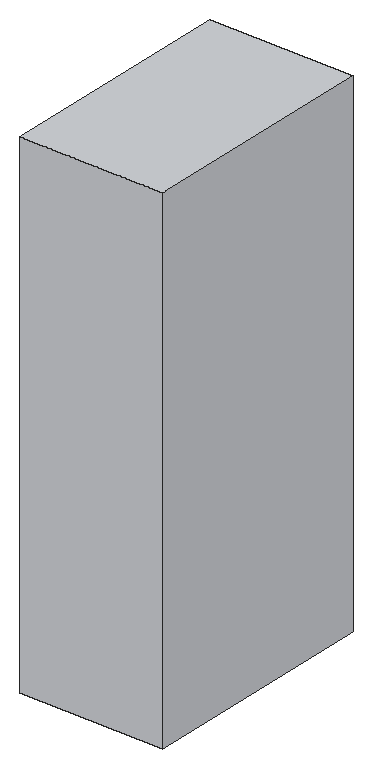
Revit family "SB12_RTU機櫃_600x1000x2100", category 電氣設備, Revit 2025
Family settings
  面板規劃 = 兩欄，回路穿越
  圓形接點標註 = 使用直徑
  組件類型 = 分電盤
  OmniClass 編號 = 23.80.30.11.17
  OmniClass 標題 = Distribution Boards and Control Panels
  以工作平面為基礎 = 否
  總是垂直 = 是
  載入時使用空心切割 = 否
  維持標註方位 = 否
  共用 = 否
  房間計算點 = 否
Parameters (values of type "RTU 與網路機櫃")
  built-in parameter 1155100 [instance] = -1
  Default Elevation = 0 mm
  built-in parameter 1140142 [instance] = -1
  SCADA_高mm [instance] = "2100"
  SCADA_附錄F項次 [instance] = "15"
  SCADA_附錄D項次 [instance] = "6"
  SCADA_編號 [instance] = "SB12-COMS-RTU-01"
  SCADA_站點 [instance] = "SB12"
  SCADA_深mm [instance] = "1000"
  SCADA_機櫃類型 [instance] = "RTU 與網路機櫃"
  SCADA_期別 [instance] = "第一期"
  SCADA_房間 [instance] = "COMS/SCADA 設備室"
  SCADA_建物 [instance] = "車站"
  SCADA_尺寸 [instance] = "600W×1000D×2100H"
  SCADA_寬mm [instance] = "600"
  SCADA_定位來源 [instance] = "獨立設備族群（載入專案後定位）"
  SCADA_備註 [instance] = ""
  SCADA_來源文件 [instance] = "Installation SoW_V6（Rev.006, 2026-07-02）附錄 D / F；依原文顏色標示排除已刪除項目"
  SCADA_UPS電源110V [instance] = "雙 UPS 電源（2×4500VA）"
  built-in parameter 1140140 [instance] = 1 (stored number, unit not read)
Reference planes
  plane 1 "中心 (前/後)": y = 0
  plane 2: z = 0
  plane 3 "中心 (左/右)": x = 0
Forms (mm)
  Extrusion 1, solid
    sketch origin (0, 0, 0) x (1, 0, 0) y (0, 1, 0)
      loop
        line (-300, -500) -> (300, -500) -> (300, 500) -> (-300, 500) -> (-300, -500)
    from 0 to 2100
Lines and regions (mm)
  symbolic lines, style "開門線"
    curve 1: line (300, -500, 0) -> (300, -1100, 0)
    curve 2: arc (-300, -500, 0) -> (-124.264, -924.264, 0) -> (300, -1100, 0) r 600
    curve 3: line (-300, 500, 0) -> (-300, 1100, 0)
    curve 4: arc (300, 500, 0) -> (124.264, 924.264, 0) -> (-300, 1100, 0) r 600
Dimensions and locks
  aligned and locked: level to plane 2
